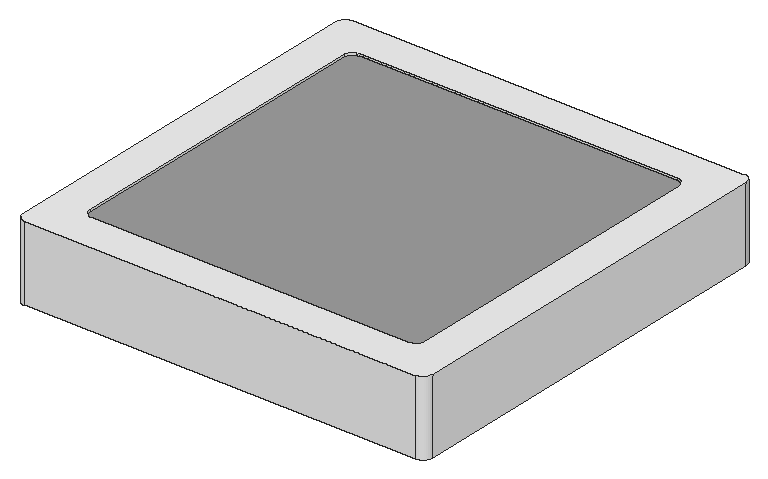
Revit family "0053300 Feilo Sylvania Lighting Fixture SYLFLAT SURFACE 1400 SQ 3000K", category Lighting Fixtures, host Face, Revit 2016
Family settings
  Host = Face
  Part Type = Normal
  Round Connector Dimension = Use Diameter
  OmniClass Number = 23.80.70.00
  OmniClass Title = Lighting
  Cut with Voids When Loaded = No
  Light Source = Yes
  Shared = No
  Room Calculation Point = No
Parameters (values of type "0053300 SYLFLAT SURFACE 1400 SQ 3000K")
  Weight = "6.636 kg"
  Wattage Comments = ""
  Wattage = 17 W
  WarrantyStartDate [instance] = "n/a"
  WarrantyGuarantorParts = "n/a"
  WarrantyDurationUnit = "n/a"
  WarrantyDurationParts = "n/a"
  WarrantyDescription = "n/a"
  built-in parameter 1150110 = 1 (stored number, unit not read)
  Voltage = 230 V
  URL = "http://www.feilosylvania.com"
  TypeName = "SYLFLAT SURFACE 1400 SQ 3000K"
  Type Image = <None>
  Type Comments = "n/a"
  built-in parameter 1114217 = 1 (stored number, unit not read)
  Tilt Angle = -90.00°
  built-in parameter 1150109 = 1 (stored number, unit not read)
  built-in parameter 1150134 = (empty or 0)
  built-in parameter 1150113 = 1 (stored number, unit not read)
  Square_FEILO = yes
  SerialNumber [instance] = "n/a"
  Photometric Web File = "0053300.ies"
  Material_3_FEILO = none
  PowerFactor = 0.9
  PowerConsumption = "17 W"
  NominalLength = 220 mm
  NominalHeight = 40 mm
  NominalDepth = 220 mm
  Name = "SYLFLAT SURFACE 1400 SQ 3000K"
  ModelReference = Name  # "SYLFLAT SURFACE 1400 SQ 3000K"
  ModelNumber = "0053300"
  Model = Name  # "SYLFLAT SURFACE 1400 SQ 3000K"
  Material = "plastic housing, polycarbonate diffuser"
  ManufacturerName = "Feilo Sylvania"
  Manufacturer = "Feilo Sylvania"
  LuminousEfficacy = "72 lm/W"
  built-in parameter 1150105 = 97.403 (stored number, unit not read)
  Lumens = 1224 lm
  LuminaireType = ""
  built-in parameter 1150115 = 1 (stored number, unit not read)
  LightOutputRatio = "100"
  built-in parameter 1150137 = (empty or 0)
  built-in parameter 1150139 = (empty or 0)
  LampsType = Lamp  # "LED"
  LampNominalLuminous = "1220 lm"
  LampMacAdamStep = "n/a"
  LampColourTemperature = "3000 K"
  LampColourRenderingIndex = "0"
  built-in parameter 1150112 = 1 (stored number, unit not read)
  built-in parameter 1150114 = 1 (stored number, unit not read)
  Lamp = "LED"
  Keynote = "16500"
  InstallationDate [instance] = "n/a"
  InputVoltage = "220-240V~"
  InputNominalFrequency = "n/a"
  built-in parameter 1150132 = (empty or 0)
  built-in parameter 1150102 = (empty or 0)
  built-in parameter 1150107 = 3000 (stored number, unit not read)
  built-in parameter 1150138 = (empty or 0)
  IngressProtection = "IP20"
  ImpactProtectionIndex = "IK06"
  built-in parameter 1150106 = 0.97403 (stored number, unit not read)
  IfcExportType = "IfcLightFixtureType"
  IfcExportAs = "IfcLightFixtureType"
  Height_FEILO = 40 mm
  ExpectedLife = 50000
  Emit from Circle Diameter = Diameter_FEILO - 40 mm  # 180 mm
  Emit Shape Visible in Rendering = no
  ElectricShockClassification = "Class II"
  built-in parameter 1150104 = 6.689 (stored number, unit not read)
  DurationUnit = "hours"
  DocumentationLiterature = "http://www.feilosylvania.com/product/en-int/products/0053300"
  DimmingControlOptions = "Non dimmable"
  Material_2_FEILO = Diffuser-Sylvania-SylFlat-Opaque
  Dimming Lamp Color Temperature Shift = <None>
  Diameter_FEILO = 220 mm
  Description = "Integrated square surface mounted 220mm x 220mm LED downlight providing uniform distribution with an opal diffuser, 110° beam angle, 1220LM, 17W, 72lm/W, 3000K, CRI80, non-dimmable, IP20, IK06, 25,000hrs (L70)"
  Default Elevation = 1219.2 mm
  CreatedOn = "1/26/2018"
  CreatedBy = "aron.fodor@feilosylvania.com"
  Cost = 0
  Color Filter = 16777215
  built-in parameter 1114216 [instance] = (empty or 0)
  ClassificationValue = "EF_70_80"
  ClassificationName = "Uniclass2015"
  Material_1_FEILO = Body-Sylvania-SylFlat-White
  Circle_FEILO = no
  BarCode [instance] = "n/a"
  built-in parameter 1114218 = 1 (stored number, unit not read)
  built-in parameter 1150133 = 10 (stored number, unit not read)
  AssetType = "Fixed"
  AssetIdentifier [instance] = "n/a"
  Assembly Code = "D5020200"
  Apparent Load = 17 VA
  Material_4_FEILO = none
Reference planes
  plane 1 "Center (Front/Back)": y = 0
  plane 2: z = 0
  plane 3 "Center (Left/Right)": x = 0
  plane 4: x = 110
  plane 5: x = -110
  plane 6: z = 40
  plane 7: x = -90
  plane 8: x = 90
  plane 9: z = 39
  plane 10: y = 110
  plane 11: y = -110
  plane 12: y = 90
  plane 13: y = -90
Forms (mm)
  Revolve 1, solid, material "Body-Sylvania-SylFlat-White" <- "Material_1_FEILO", visible <- "Circle_FEILO"
    sketch origin (0, 0, 0) x (1, 0, 0) y (0, 0, 1)
      loop
        line (0, 39) -> (-90, 39) -> (-90, 40) -> (-109, 40)
        arc (-109, 40) -> (-109.707, 39.707) -> (-110, 39) r 1
        line (-110, 39) -> (-110, 1)
        arc (-110, 1) -> (-109.707, 0.293) -> (-109, 0) r 1
        line (-109, 0) -> (0, 0) -> (0, 39)
      axis (0, 40) -> (0, 0)
    angle from 360 to 0
  Extrusion 2, solid, material "Body-Sylvania-SylFlat-White" <- "Material_1_FEILO", visible <- "Square_FEILO"
    sketch origin (0, 0, 0) x (1, 0, 0) y (0, 1, 0)
      loop
        arc (-105, 110) -> (-108.536, 108.536) -> (-110, 105) r 5
        line (-110, 105) -> (-110, -105)
        arc (-110, -105) -> (-108.536, -108.536) -> (-105, -110) r 5
        line (-105, -110) -> (105, -110)
        arc (105, -110) -> (108.536, -108.536) -> (110, -105) r 5
        line (110, -105) -> (110, 105)
        arc (110, 105) -> (108.536, 108.536) -> (105, 110) r 5
        line (105, 110) -> (-105, 110)
    from 0 to 40
  Extrusion 3, void
    sketch origin (1223.4, -4572, 40) x (-1, 0, 0) y (0, -1, 0)
      loop
        arc (1308.4, -4662) -> (1311.936, -4660.536) -> (1313.4, -4657) r 5
        line (1313.4, -4657) -> (1313.4, -4487)
        arc (1313.4, -4487) -> (1311.936, -4483.464) -> (1308.4, -4482) r 5
        line (1308.4, -4482) -> (1138.4, -4482)
        arc (1138.4, -4482) -> (1134.864, -4483.464) -> (1133.4, -4487) r 5
        line (1133.4, -4487) -> (1133.4, -4657)
        arc (1133.4, -4657) -> (1134.864, -4660.536) -> (1138.4, -4662) r 5
        line (1138.4, -4662) -> (1308.4, -4662)
    from 0 to -1
Cuts and joins
  Extrusion 3 cuts Extrusion 2
Dimensions and locks
  equal spacing: plane 4, plane 3 "Center (Left/Right)", plane 5
  "Diameter_FEILO": plane 4 to plane 5
  "Height_FEILO": plane 6 to plane 2
  equal spacing: plane 8, plane 3 "Center (Left/Right)", plane 7
  locked: plane 7 to plane 5 at 20
  locked: plane 6 to plane 9 at 1
  equal spacing: plane 11, plane 1 "Center (Front/Back)", plane 10
  equal spacing: plane 13, plane 1 "Center (Front/Back)", plane 12
  "Diameter_FEILO": plane 11 to plane 10
  locked: plane 12 to plane 10 at 20
  aligned and locked: plane 2 to host face
  aligned and locked: level to host face
  aligned and locked: Revolve 1 sketch curve to plane 3 "Center (Left/Right)"
  aligned and locked: plane 3 "Center (Left/Right)" to Revolve 1 sketch curve  (x2)
  aligned and locked: Revolve 1 sketch curve to plane 9
  aligned and locked: plane 7 to Revolve 1 sketch curve
  aligned and locked: Revolve 1 sketch curve to plane 6
  aligned and locked: Revolve 1 sketch curve to plane 5
  aligned and locked: Revolve 1 sketch curve to level
  aligned and locked: plane 10 to Extrusion 2 sketch curve
  aligned and locked: plane 5 to Extrusion 2 sketch curve
  aligned and locked: Extrusion 2 sketch curve to plane 11
  aligned and locked: Extrusion 2 sketch curve to plane 4
  aligned and locked: plane 12 to Extrusion 3 sketch curve
  aligned and locked: plane 7 to Extrusion 3 sketch curve
  aligned and locked: Extrusion 3 sketch curve to plane 13
  aligned and locked: Extrusion 3 sketch curve to plane 8
  aligned and locked: Extrusion 2 to plane 6
  aligned and locked: plane 9 to Extrusion 3
  aligned and locked: Extrusion 3 to plane 6
  aligned and locked: Extrusion 2 to level
  aligned and locked: Extrusion 2 to Extrusion 3
  aligned and locked: plane 3 "Center (Left/Right)" to imposter light
  aligned and locked: imposter light to plane 1 "Center (Front/Back)"
  aligned and locked: imposter light to plane 9
Automatic sketch dimensions
  host sketch curve to host sketch curve = 2438.4 mm  (x2)
  plane 5 to Revolve 1 sketch curve = 1 mm
  Revolve 1 sketch curve to Revolve 1 sketch curve = 1 mm
  Revolve 1 sketch curve to level = 609.6 mm
  Revolve 1 sketch curve to plane 6 = 2569.058 mm
  plane 10 to Extrusion 2 sketch curve = 0 mm
  plane 5 to Extrusion 2 sketch curve = 5 mm
  Extrusion 2 sketch curve to plane 7 = 15 mm
  Extrusion 2 sketch curve to plane 4 = 5 mm  (x2)
  plane 12 to Extrusion 3 sketch curve = 5 mm
  Extrusion 3 sketch curve to Extrusion 3 sketch curve = 5 mm  (x2)
  Extrusion 3 sketch curve to plane 13 = 5 mm
Connectors
  electrical at (0, 0, 0), driven by "Apparent Load", driven by "PowerFactor", driven by "Voltage"
    settings: index 1, voltage 230 V, apparent load 17 VA, apparent load phase1 0 VA, apparent load phase2 0 VA, apparent load phase3 0 VA, power factor 0.9, load classification "Lighting", number of poles 1, system type 30, power factor state 1, is connector primary yes, connector utility no, sub classification motor no, connector description ""
